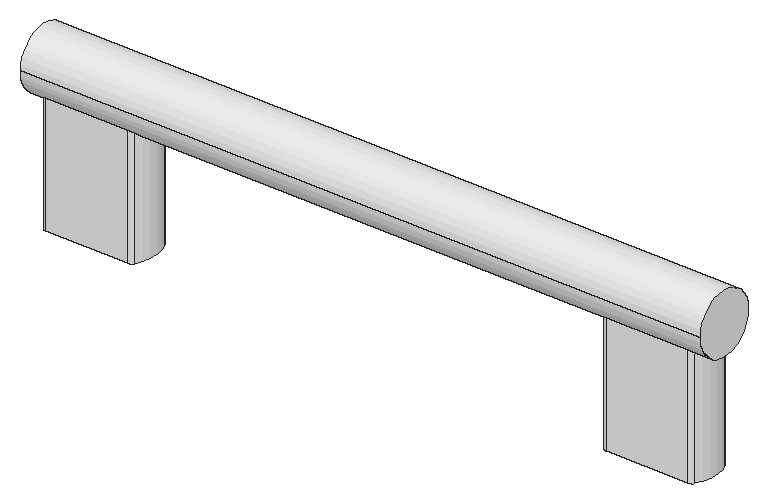
Revit family "687375C OPAL SUPPORT RAIL 300MM STRAIGHT", category Plumbing Fixtures, host Face, Revit 2019
Family settings
  Host = Face
  Round Connector Dimension = Use Radius
  Part Type = Normal
  OmniClass Number = 23.40.20.21.47
  OmniClass Title = Bath Grab Bars
  Cut with Voids When Loaded = No
  Shared = No
  Room Calculation Point = No
Parameters (values of type "OPAL SUPPORT RAIL 300 STR")
  Waste Connection = no
  Vent Connection = no
  URL = "https://www.caroma.com.au/"
  Rail_Width = 300 mm
  Rail_Height = 75 mm
  Model = "687375C"
  Material_Base = GWA_Metal-Chrome
  Manufacturer = "GWA Bathrooms & Kitchens"  # constant formula
  HW Connection = no
  Description = "OPAL SUPPORT RAIL 300 STR"
  Default Elevation = 0 mm
  CreatedBy_ANZRS = "GWA Bathrooms & Kitchens"  # constant formula
  CW Connection = no
  Assembly Code = "C1030200"
Reference planes
  plane 1 "Center (Front/Back)": y = 0
  plane 2: z = 0
  plane 3 "Center (Left/Right)": x = 0
  plane 4 "Left": x = -150
  plane 5 "Right": x = 150
  plane 6 "Rail_Centre": z = 75
Forms (mm)
  Extrusion 1, solid, material "GWA_Metal-Chrome" <- "Material_Base"
    sketch origin (0, 0, 0) x (1, 0, 0) y (0, 1, 0)
      loop
        line (-128.278, 11.5) -> (-171.722, 11.5)
        arc (-171.722, 11.5) -> (-173.222, 11.098) -> (-174.321, 10) r 3
        arc (-174.321, 10) -> (-177, 0) -> (-174.321, -10) r 20
        arc (-174.321, -10) -> (-173.222, -11.098) -> (-171.722, -11.5) r 3
        line (-171.722, -11.5) -> (-128.278, -11.5)
        arc (-128.278, -11.5) -> (-126.778, -11.098) -> (-125.679, -10) r 3
        arc (-125.679, -10) -> (-123, 0) -> (-125.679, 10) r 20
        arc (-125.679, 10) -> (-126.778, 11.098) -> (-128.278, 11.5) r 3
    from 0 to 75
  Extrusion 2, solid, material "GWA_Metal-Chrome" <- "Material_Base"
    sketch origin (0, 0, 0) x (1, 0, 0) y (0, 1, 0)
      loop
        line (171.722, 11.5) -> (128.278, 11.5)
        arc (128.278, 11.5) -> (126.778, 11.098) -> (125.679, 10) r 3
        arc (125.679, 10) -> (123, 0) -> (125.679, -10) r 20
        arc (125.679, -10) -> (126.778, -11.098) -> (128.278, -11.5) r 3
        line (128.278, -11.5) -> (171.722, -11.5)
        arc (171.722, -11.5) -> (173.222, -11.098) -> (174.321, -10) r 3
        arc (174.321, -10) -> (177, 0) -> (174.321, 10) r 20
        arc (174.321, 10) -> (173.222, 11.098) -> (171.722, 11.5) r 3
    from 0 to 75
  Extrusion 3, void
    sketch origin (-150, 0, 0) x (0, 1, 0) y (0, 0, 1)
      loop
        circle (0, 75) r 16
    from -30 to 30
  Extrusion 4, void
    sketch origin (150, 50, 0) x (0, 1, 0) y (0, 0, 1)
      loop
        circle (-50, 75) r 16
    from -30 to 30
  Extrusion 5, solid, material "GWA_Metal-Chrome" <- "Material_Base"
    sketch origin (0, 0, 0) x (0, 1, 0) y (0, 0, 1)
      loop
        circle (0, 75) r 16
    from -182 to 181.99
Cuts and joins
  Extrusion 3, Extrusion 4 cuts Extrusion 1
  Extrusion 4 cuts Extrusion 2
Lines and regions (mm)
  Masking region 1
    outline origin (0, 0, 40) x (-1, 0, 0) y (0, -1, 0)
      loop
        line (182, -16) -> (182, 16) -> (-181.99, 16) -> (-181.99, -16) -> (182, -16)
  Masking region 2
    outline origin (0, 0, 0) x (1, 0, 0) y (0, 0, 1)
      loop
        line (-182, 91) -> (-182, 59) -> (-177, 59) -> (-177, 0) -> (-123, 0) -> (-123, 59) -> (123, 59) -> (123, 0) -> (177, 0) -> (177, 59) -> (181.99, 59) -> (181.99, 91) -> (-182, 91)
  Masking region 3
    outline origin (0, 0, 0) x (0, 1, 0) y (0, 0, 1)
      loop
        line (-11.5, 0) -> (11.5, 0) -> (11.5, 63.876)
        arc (11.5, 63.876) -> (0, 91) -> (-11.5, 63.876) r 16
        line (-11.5, 63.876) -> (-11.5, 0)
  symbolic lines
    curve 1: line (-182, 16, 40) -> (181.99, 16, 40)
    curve 2: line (-182, -16, 40) -> (-182, 16, 40)
    curve 3: line (181.99, -16, 40) -> (-182, -16, 40)
    curve 4: line (181.99, 16, 40) -> (181.99, -16, 40)
    curve 5: line (128.226, 0, 63.876) -> (171.774, 0, 63.876)
    curve 6: line (123, 0, 0) -> (123, 0, 59)
    curve 7: line (123, 0, 0) -> (177, 0, 0)
    curve 8: line (177, 0, 0) -> (177, 0, 59)
    curve 9: line (-177, 0, 0) -> (-177, 0, 59)
    curve 10: line (-177, 0, 0) -> (-123, 0, 0)
    curve 11: line (-123, 0, 0) -> (-123, 0, 59)
    curve 12: line (181.99, 0, 59) -> (177, 0, 59)
    curve 13: line (-182, 0, 59) -> (-182, 0, 91)
    curve 14: line (-182, 0, 91) -> (181.99, 0, 91)
    curve 15: line (181.99, 0, 91) -> (181.99, 0, 59)
    curve 16: line (123, 0, 59) -> (-123, 0, 59)
    curve 17: line (-177, 0, 59) -> (-182, 0, 59)
    curve 18: line (177, 0, 59) -> (174.152, 0, 62.704)
    curve 19: arc (171.774, 0, 63.876) -> (173.099, 0, 63.567) -> (174.152, 0, 62.704) r 3
    curve 20: line (123, 0, 59) -> (125.848, 0, 62.704)
    curve 21: arc (128.226, 0, 63.876) -> (126.901, 0, 63.567) -> (125.848, 0, 62.704) r 3
    curve 22: line (-128.226, 0, 63.876) -> (-171.774, 0, 63.876)
    curve 23: line (-177, 0, 59) -> (-174.152, 0, 62.704)
    curve 24: arc (-171.774, 0, 63.876) -> (-173.099, 0, 63.567) -> (-174.152, 0, 62.704) r 3
    curve 25: line (-123, 0, 59) -> (-125.848, 0, 62.704)
    curve 26: arc (-128.226, 0, 63.876) -> (-126.901, 0, 63.567) -> (-125.848, 0, 62.704) r 3
    curve 27: line (0, -11.5, 0) -> (0, -11.5, 63.876)
    curve 28: line (0, 11.5, 0) -> (0, 11.5, 63.876)
    curve 29: circle (0, 0, 75) r 16 normal (1, 0, 0)
    curve 30: line (0, -11.5, 0) -> (0, 11.5, 0)
Dimensions and locks
  "Rail_Width": plane 4 "Left" to plane 5 "Right"
  equal spacing: plane 4 "Left", plane 3 "Center (Left/Right)", plane 5 "Right"
  "Rail_Height": plane 6 "Rail_Centre" to host face
  locked: plane 5 "Right" to Extrusion 5 at 31.99
  locked: Extrusion 5 to plane 4 "Left" at 32
  aligned and locked: plane 2 to host face
  aligned and locked: level to host face
  aligned and locked: Masking region 1 sketch curve to curve 1
  aligned and locked: Masking region 1 sketch curve to Extrusion 5  (x2)
  aligned and locked: Masking region 1 sketch curve to curve 3
Automatic sketch dimensions
  host sketch curve to host sketch curve = 2438.4 mm  (x2)
  Extrusion 3 sketch curve to plane 1 "Center (Front/Back)" = 0 mm
  Extrusion 3 sketch curve to plane 6 "Rail_Centre" = 0 mm
  Extrusion 4 sketch curve to plane 6 "Rail_Centre" = 0 mm
  plane 1 "Center (Front/Back)" to Extrusion 4 sketch curve = 0 mm
  Extrusion 5 sketch curve to plane 1 "Center (Front/Back)" = 0 mm
  Extrusion 5 sketch curve to plane 6 "Rail_Centre" = 0 mm
  curve 10 to level = 0 mm
  curve 7 to level = 0 mm
  curve 13 to plane 4 "Left" = 32 mm
  curve 13 to curve 23 = 5 mm
  curve 23 to plane 6 "Rail_Centre" = 12.296 mm
  curve 23 to curve 23 = 2.848 mm
  curve 23 to curve 22 = 2.378 mm
  plane 4 "Left" to curve 26 = 21.774 mm
  curve 25 to plane 6 "Rail_Centre" = 12.296 mm
  curve 26 to curve 25 = 2.378 mm
  plane 4 "Left" to curve 10 = 27 mm
  curve 7 to plane 5 "Right" = 27 mm
  curve 6 to curve 20 = 2.848 mm
  curve 20 to curve 21 = 2.378 mm
  curve 19 to plane 6 "Rail_Centre" = 14.124 mm
  plane 5 "Right" to curve 19 = 21.774 mm
  curve 5 to curve 18 = 2.378 mm
  plane 5 "Right" to curve 8 = 27 mm
  curve 19 to curve 15 = 10.216 mm
  curve 9 to curve 24 = 3.704 mm
  curve 6 to plane 6 "Rail_Centre" = 16 mm
  curve 8 to curve 19 = 1.876 mm
  curve 24 to curve 23 = 1.829 mm
  curve 6 to curve 21 = 1.876 mm
  curve 19 to curve 18 = 1.829 mm
  plane 6 "Rail_Centre" to curve 14 = 16 mm
  plane 5 "Right" to curve 1 = 31.99 mm
  plane 1 "Center (Front/Back)" to curve 3 = 16 mm
  curve 3 to plane 4 "Left" = 32 mm
  curve 1 to plane 1 "Center (Front/Back)" = 16 mm
  plane 1 "Center (Front/Back)" to Extrusion 1 sketch curve = 0 mm  (x2)
  Extrusion 1 sketch curve to plane 1 "Center (Front/Back)" = 8.5 mm
  Extrusion 1 sketch curve to plane 4 "Left" = 21.722 mm
  plane 1 "Center (Front/Back)" to Extrusion 1 sketch curve = 8.5 mm  (x2)
  Extrusion 1 sketch curve to Extrusion 1 sketch curve = 0 mm  (x3)
  Extrusion 1 sketch curve to plane 4 "Left" = 7 mm
  plane 4 "Left" to Extrusion 1 sketch curve = 7 mm
  Extrusion 1 sketch curve to Extrusion 1 sketch curve = 14.722 mm  (x2)
  Extrusion 1 sketch curve to plane 1 "Center (Front/Back)" = 11.5 mm
  Extrusion 1 sketch curve to Extrusion 1 sketch curve = 3 mm  (x2)
  plane 1 "Center (Front/Back)" to Extrusion 2 sketch curve = 0 mm  (x2)
  Extrusion 2 sketch curve to plane 1 "Center (Front/Back)" = 8.5 mm
  Extrusion 2 sketch curve to plane 5 "Right" = 21.722 mm
  plane 1 "Center (Front/Back)" to Extrusion 2 sketch curve = 8.5 mm  (x2)
  Extrusion 2 sketch curve to Extrusion 2 sketch curve = 0 mm  (x3)
  Extrusion 2 sketch curve to plane 5 "Right" = 7 mm
  plane 5 "Right" to Extrusion 2 sketch curve = 7 mm
  Extrusion 2 sketch curve to Extrusion 2 sketch curve = 14.722 mm  (x2)
  Extrusion 2 sketch curve to plane 1 "Center (Front/Back)" = 11.5 mm
  Extrusion 2 sketch curve to Extrusion 2 sketch curve = 3 mm  (x2)
  Masking region 2 sketch curve to level = 0 mm  (x2)
  Masking region 2 sketch curve to plane 4 "Left" = 32 mm
  Masking region 2 sketch curve to Masking region 2 sketch curve = 5 mm
  plane 4 "Left" to Masking region 2 sketch curve = 27 mm
  Masking region 2 sketch curve to plane 5 "Right" = 27 mm
  plane 5 "Right" to Masking region 2 sketch curve = 27 mm
  plane 5 "Right" to Masking region 2 sketch curve = 31.99 mm
  Masking region 2 sketch curve to plane 6 "Rail_Centre" = 16 mm  (x3)
  plane 6 "Rail_Centre" to Masking region 2 sketch curve = 16 mm
  Masking region 3 sketch curve to plane 6 "Rail_Centre" = 11.124 mm  (x2)
  Masking region 3 sketch curve to level = 0 mm
  Masking region 3 sketch curve to plane 1 "Center (Front/Back)" = 0 mm
  Masking region 3 sketch curve to plane 1 "Center (Front/Back)" = 11.5 mm
  Masking region 3 sketch curve to plane 6 "Rail_Centre" = 0 mm
  curve 27 to level = 0 mm
  curve 29 to plane 1 "Center (Front/Back)" = 0 mm
  curve 29 to plane 6 "Rail_Centre" = 0 mm
  plane 1 "Center (Front/Back)" to curve 27 = 11.5 mm
  curve 28 to plane 1 "Center (Front/Back)" = 11.5 mm
  curve 28 to plane 6 "Rail_Centre" = 11.124 mm
  radius of Extrusion 3 sketch curve = 16 mm
  radius of Extrusion 4 sketch curve = 16 mm
  radius of Extrusion 5 sketch curve = 16 mm
